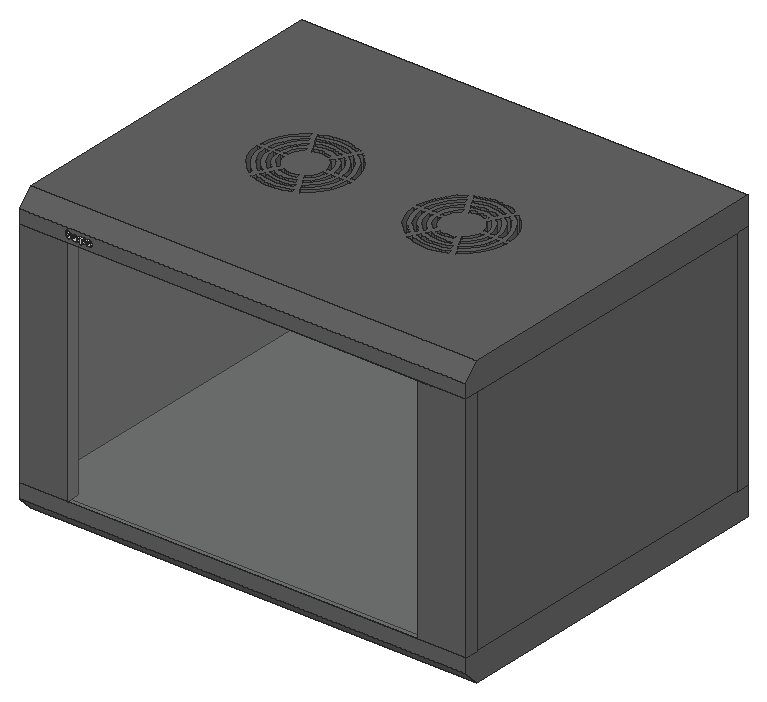
Revit family "BARPA_Crux1_LOD5", category Electrical Equipment, Revit 2016
Family settings
  Part Type = Other Panel
  Round Connector Dimension = Use Diameter
  Work Plane-Based = No
  Always vertical = Yes
  Cut with Voids When Loaded = No
  Shared = No
  Room Calculation Point = No
Parameters (values of type "Crux 1 - 6U 570x450")
  Model = "82321060604"
  Manufacturer = "BARPA"
  IfcExportType = "DATACABINET"  # constant formula
  IfcExportAs = "IfcBuildingElementProxy"  # constant formula
  Description = "Rack Crux 1 - 6U 570x450mm"
  Classification.Uniclass.Pr.Number [instance] = "Pr_80_77_28_21"
  Classification.Uniclass.Pr.Description [instance] = "Data equipment cabinets"
  BARPA_Width = 570 mm
  BARPA_Standard = "ANSI/EIA RS-310-D; IEC60297-2; DIN41494 Part 1 and 7"
  BARPA_Material = "SPCC Cold Rolled Steel; Mounting profile: 1.2mm; Others 1.0mm"
  BARPA_Loading Capacity = 60.00 kg
  BARPA_Length = 450 mm
  BARPA_Instructions Video = "https://www.youtube.com/watch?v=zwmslPowF0Y"
  BARPA_Instructions Manual = "https://www.barpa.eu/fotos/produtos/im_04-crux_1_en_60642401758416becec0a7.pdf"
  BARPA_Height = 370 mm
  BARPA_Earth Connection = yes
  BARPA_EAN Code = "5608445006073"
  BARPA_Description = "Crux 1 is the wall cabinet of the barpa range of cabinets. It’s available in a range of heights and depths and accommodates a load of up to 60 kg."
  BARPA_Declaration of Conformity = "https://www.barpa.eu/fotos/produtos/declaration_of_conformity_crux_1_162417780258416b934ae8d.pdf"
  BARPA_Datasheet = "https://www.barpa.eu/fotos/produtos/crux1_eng_162556594458416b934d980.pdf"
  BARPA_Color = "Black (RAL9004)"
Types (13, lengths in mm): name | Model | Description | BARPA_Length | BARPA_Height | BARPA_EAN Code
  (no name) | "82321060604" | "Rack Crux 1 - 6U 570x450mm" | 450 | 370 | "5608445006073"
  Crux 1 - 6U 570x450 | "82321060604" | "Rack Crux 1 - 6U 570x450mm" | 450 | 370 | "5608445006073"
  Crux 1 - 6U 570x600 | "82321060606" | "Rack Crux 1 - 6U 570x600mm" | 600 | 370 | "5608445006134"
  Crux 1 - 9U 570x450 | "82321090604" | "Rack Crux 1 - 9U 570x450mm" | 450 | 500 | "5608445006080"
  Crux 1 - 9U 570x600 | "82321090606" | "Rack Crux 1 - 9U 570x600mm" | 600 | 500 | "5608445006141"
  Crux 1 - 12U 570x450 | "82321120604" | "Rack Crux 1 - 12U 570x450mm" | 450 | 635 | "5608445006097"
  Crux 1 - 12U 570x600 | "82321120606" | "Rack Crux 1 - 12U 570x600mm" | 600 | 635 | "5608445006158"
  Crux 1 - 15U 570x450 | "82321150604" | "Rack Crux 1 - 15U 570x450mm" | 450 | 770 | "5608445006103"
  Crux 1 - 15U 570x600 | "82321150606" | "Rack Crux 1 - 15U 570x600mm" | 600 | 770 | "5608445006165"
  Crux 1 - 18U 570x450 | "82321180604" | "Rack Crux 1 - 18U 570x450mm" | 450 | 900 | "5608445006110"
  Crux 1 - 18U 570x600 | "82321180606" | "Rack Crux 1 - 18U 570x600mm" | 600 | 900 | "5608445006172"
  Crux 1 - 22U 570x450 | "82321220604" | "Rack Crux 1 - 22U 570x450mm" | 450 | 1080 | "5608445006127"
  Crux 1 - 22U 570x600 | "82321220606" | "Rack Crux 1 - 22U 570x600mm" | 600 | 1080 | "5608445006189"
Reference planes
  plane 1 "Center (Front/Back)": y = 0
  plane 2: z = 0
  plane 3 "Center (Left/Right)": x = 0
  plane 4: x = -285
  plane 5: y = -450
  plane 6 "Top Bottom": z = 332
  plane 7: x = -268.4
  plane 8: x = -224
  plane 9: x = 224
  plane 10: x = 268.4
  plane 11: x = 285
  plane 12: z = 370
  plane 13: z = 36
  plane 14: y = -433.4
  plane 15: y = -16.6
  plane 16: y = -432.4
  plane 17: y = -17.6
Forms (mm)
  Extrusion 1, solid, material "Steel paint black (RAL9004)"
    sketch origin (0, 0, 0) x (1, 0, 0) y (0, 1, 0)
      loop
        line (-285, 0) -> (-285, -16.6) -> (285, -16.6) -> (285, 0) -> (-285, 0)
      loop
        line (-285, -433.4) -> (-285, -450) -> (-224, -450) -> (-224, -433.4) -> (-285, -433.4)
      loop
        line (285, -433.4) -> (224, -433.4) -> (224, -450) -> (285, -450) -> (285, -433.4)
      loop
        line (268.4, -17.6) -> (268.4, -432.4) -> (285, -432.4) -> (285, -17.6) -> (268.4, -17.6)
      loop
        line (-285, -17.6) -> (-285, -432.4) -> (-268.4, -432.4) -> (-268.4, -17.6) -> (-285, -17.6)
    from 36 to 332
  Extrusion 2, solid, material "Glass"
    sketch origin (0, 0, 0) x (1, 0, 0) y (0, 1, 0)
      loop
        line (-224, -445) -> (-224, -450) -> (224, -450) -> (224, -445) -> (-224, -445)
    from 36 to 332
Dimensions and locks
  equal spacing: plane 8, plane 3 "Center (Left/Right)", plane 9
  equal spacing: plane 7, plane 3 "Center (Left/Right)", plane 10
  equal spacing: plane 4, plane 3 "Center (Left/Right)", plane 11
  "BARPA_Width": plane 4 to plane 11
  "BARPA_Length": plane 5 to plane 1 "Center (Front/Back)"
  locked: plane 5 to plane 14 at 16.6
  locked: plane 15 to plane 1 "Center (Front/Back)" at 16.6
  locked: plane 10 to plane 11 at 16.6
  locked: plane 4 to plane 8 at 61
  locked: plane 12 to plane 6 "Top Bottom" at 38
  "BARPA_Height": plane 12 to level
  locked: plane 17 to plane 15 at 1
  locked: plane 14 to plane 16 at 1
  locked: Extrusion 2 sketch curve to Extrusion 2 sketch curve at 5
  locked: plane 13 to level at 36
  aligned and locked: level to plane 2
  aligned and locked: Extrusion 1 sketch curve to plane 5  (x2)
  aligned and locked: Extrusion 1 sketch curve to plane 11  (x3)
  aligned and locked: plane 4 to Extrusion 1 sketch curve  (x3)
  aligned and locked: plane 14 to Extrusion 1 sketch curve  (x2)
  aligned and locked: plane 1 "Center (Front/Back)" to Extrusion 1 sketch curve
  aligned and locked: Extrusion 1 sketch curve to plane 15
  aligned and locked: Extrusion 1 sketch curve to plane 9
  aligned and locked: plane 8 to Extrusion 1 sketch curve
  aligned and locked: plane 17 to Extrusion 1 sketch curve  (x2)
  aligned and locked: Extrusion 1 sketch curve to plane 16  (x2)
  aligned and locked: Extrusion 1 sketch curve to plane 7
  aligned and locked: plane 10 to Extrusion 1 sketch curve
  aligned and locked: Extrusion 1 to plane 6 "Top Bottom"
  aligned and locked: plane 13 to Extrusion 1
  aligned and locked: plane 8 to Extrusion 2 sketch curve
  aligned and locked: Extrusion 2 sketch curve to plane 9
  aligned and locked: Extrusion 2 sketch curve to plane 5
  aligned and locked: Extrusion 2 to plane 6 "Top Bottom"
  aligned and locked: plane 13 to Extrusion 2
  aligned and locked: plane 3 "Center (Left/Right)" to nested 2
  aligned and locked: plane 3 "Center (Left/Right)" to nested 1
  aligned and locked: plane 1 "Center (Front/Back)" to nested 2
  aligned and locked: plane 1 "Center (Front/Back)" to nested 1
Nested families
  nested 1: "Crux-Base" at (0, 0, 0), type "Standard"
    with Length 450 mm
  nested 2: "Crux-Top Cover" at (0, 0, 332), type "Standard"
    with Length 450 mm
Connectors
  electrical at (0, 0, 184)
    settings: on Extrusion 1, index 1, voltage 0 V, apparent load 0 VA, apparent load phase1 0 VA, apparent load phase2 0 VA, apparent load phase3 0 VA, power factor 1, load classification "Other", number of poles 1, system type 5, power factor state 1, is connector primary yes, connector utility no, sub classification motor no, connector description ""
Definition of nested family "Crux-Base"
  Parameters (values of type "Standard")
    Width = 570 mm
    Model = ""
    Material = none
    Manufacturer = ""
    Length = 600 mm
    Description = ""
    Default Elevation = 0 mm
  Reference planes
    plane 1 "Center (Front/Back)": y = 0
    plane 2: z = 0
    plane 3 "Center (Left/Right)": x = 0
    plane 4: x = -285
    plane 5: y = -600
    plane 6: x = 285
    plane 7: z = 18
    plane 8: z = 36
    plane 9: y = -582
    plane 10: y = -300
  Forms (mm)
    Extrusion 1, solid, material <- "Material"
      sketch origin (0, 0, 0) x (0, 1, 0) y (0, 0, 1)
        loop
          line (-600, 36) -> (-600, 18) -> (-582, 0) -> (0, 0) -> (0, 36) -> (-600, 36)
      from -285 to 285
  Dimensions and locks
    equal spacing: plane 4, plane 3 "Center (Left/Right)", plane 6
    "Width": plane 4 to plane 6
    "Length": plane 5 to plane 1 "Center (Front/Back)"
    locked: plane 5 to plane 9 at 18
    locked: level to plane 7 at 18
    locked: level to plane 8 at 36
    equal spacing: plane 5, plane 10, plane 1 "Center (Front/Back)"
    aligned and locked: level to plane 2
    aligned and locked: plane 1 "Center (Front/Back)" to Extrusion 1 sketch curve
    aligned and locked: plane 8 to Extrusion 1 sketch curve
    aligned and locked: level to Extrusion 1 sketch curve  (x2)
    aligned and locked: plane 6 to Extrusion 1
    aligned and locked: Extrusion 1 to plane 4
    aligned and locked: plane 9 to Extrusion 1 sketch curve
    aligned and locked: plane 5 to Extrusion 1 sketch curve
    aligned and locked: plane 7 to Extrusion 1 sketch curve
Definition of nested family "Crux-Top Cover"
  Parameters (values of type "Standard")
    Width = 570 mm
    Model = ""
    Material = none
    Manufacturer = ""
    Length = 600 mm
    Description = ""
    Default Elevation = 0 mm
  Reference planes
    plane 1 "Center (Front/Back)": y = 0
    plane 2: z = 0
    plane 3 "Center (Left/Right)": x = 0
    plane 4: x = -285
    plane 5: y = -600
    plane 6: x = 285
    plane 7: z = 18
    plane 8: z = 36
    plane 9: y = -582
    plane 10: y = -300
    plane 11: x = -100
    plane 12: x = 100
  Forms (mm)
    Extrusion 1, solid, material <- "Material", detail levels coarse+medium
      sketch origin (0, 0, 0) x (0, 1, 0) y (0, 0, 1)
        loop
          line (-600, 18) -> (-600, 0) -> (0, 0) -> (0, 36) -> (-582, 36) -> (-600, 18)
      from -285 to 285
    Extrusion 2, solid, material <- "Material", detail levels fine
      sketch origin (0, 0, 0) x (1, 0, 0) y (0, 1, 0)
        loop
          arc (-50.09, -297) -> (-56.699, -275) -> (-72.447, -258.277) r 50
          line (-72.447, -258.277) -> (-74.952, -262.616)
          arc (-74.952, -262.616) -> (-61.029, -277.5) -> (-55.1, -297) r 45
          line (-55.1, -297) -> (-50.09, -297)
        loop
          arc (-60.113, -297) -> (-65.359, -280) -> (-77.458, -266.957) r 40
          line (-77.458, -266.957) -> (-79.966, -271.301)
          arc (-79.966, -271.301) -> (-69.689, -282.5) -> (-65.129, -297) r 35
          line (-65.129, -297) -> (-60.113, -297)
        loop
          arc (-70.15, -297) -> (-74.019, -285) -> (-82.477, -275.649) r 30
          line (-82.477, -275.649) -> (-84.992, -280.006)
          arc (-84.992, -280.006) -> (-78.349, -287.5) -> (-75.181, -297) r 25
          line (-75.181, -297) -> (-70.15, -297)
        loop
          line (-149.91, -297) -> (-144.9, -297)
          arc (-144.9, -297) -> (-138.971, -277.5) -> (-125.048, -262.616) r 45
          line (-125.048, -262.616) -> (-127.553, -258.277)
          arc (-127.553, -258.277) -> (-143.301, -275) -> (-149.91, -297) r 50
        loop
          arc (-77.643, -255.277) -> (-100, -250) -> (-122.357, -255.277) r 50
          line (-122.357, -255.277) -> (-119.852, -259.616)
          arc (-119.852, -259.616) -> (-100, -255) -> (-80.148, -259.616) r 45
          line (-80.148, -259.616) -> (-77.643, -255.277)
        loop
          arc (-82.654, -263.957) -> (-100, -260) -> (-117.346, -263.957) r 40
          line (-117.346, -263.957) -> (-114.838, -268.301)
          arc (-114.838, -268.301) -> (-100, -265) -> (-85.162, -268.301) r 35
          line (-85.162, -268.301) -> (-82.654, -263.957)
        loop
          arc (-87.673, -272.649) -> (-100, -270) -> (-112.327, -272.649) r 30
          line (-112.327, -272.649) -> (-109.812, -277.006)
          arc (-109.812, -277.006) -> (-100, -275) -> (-90.188, -277.006) r 25
          line (-90.188, -277.006) -> (-87.673, -272.649)
        loop
          arc (-122.542, -266.957) -> (-134.641, -280) -> (-139.887, -297) r 40
          line (-139.887, -297) -> (-134.871, -297)
          arc (-134.871, -297) -> (-130.311, -282.5) -> (-120.034, -271.301) r 35
          line (-120.034, -271.301) -> (-122.542, -266.957)
        loop
          arc (-117.523, -275.649) -> (-125.981, -285) -> (-129.85, -297) r 30
          line (-129.85, -297) -> (-124.819, -297)
          arc (-124.819, -297) -> (-121.651, -287.5) -> (-115.008, -280.006) r 25
          line (-115.008, -280.006) -> (-117.523, -275.649)
        loop
          arc (-149.91, -303) -> (-143.301, -325) -> (-127.553, -341.723) r 50
          line (-127.553, -341.723) -> (-125.048, -337.384)
          arc (-125.048, -337.384) -> (-138.971, -322.5) -> (-144.9, -303) r 45
          line (-144.9, -303) -> (-149.91, -303)
        loop
          arc (-139.887, -303) -> (-134.641, -320) -> (-122.542, -333.043) r 40
          line (-122.542, -333.043) -> (-120.034, -328.699)
          arc (-120.034, -328.699) -> (-130.311, -317.5) -> (-134.871, -303) r 35
          line (-134.871, -303) -> (-139.887, -303)
        loop
          arc (-129.85, -303) -> (-125.981, -315) -> (-117.523, -324.351) r 30
          line (-117.523, -324.351) -> (-115.008, -319.994)
          arc (-115.008, -319.994) -> (-121.651, -312.5) -> (-124.819, -303) r 25
          line (-124.819, -303) -> (-129.85, -303)
        loop
          line (-50.09, -303) -> (-55.1, -303)
          arc (-55.1, -303) -> (-61.029, -322.5) -> (-74.952, -337.384) r 45
          line (-74.952, -337.384) -> (-72.447, -341.723)
          arc (-72.447, -341.723) -> (-56.699, -325) -> (-50.09, -303) r 50
        loop
          arc (-122.357, -344.723) -> (-100, -350) -> (-77.643, -344.723) r 50
          line (-77.643, -344.723) -> (-80.148, -340.384)
          arc (-80.148, -340.384) -> (-100, -345) -> (-119.852, -340.384) r 45
          line (-119.852, -340.384) -> (-122.357, -344.723)
        loop
          arc (-117.346, -336.043) -> (-100, -340) -> (-82.654, -336.043) r 40
          line (-82.654, -336.043) -> (-85.162, -331.699)
          arc (-85.162, -331.699) -> (-100, -335) -> (-114.838, -331.699) r 35
          line (-114.838, -331.699) -> (-117.346, -336.043)
        loop
          arc (-112.327, -327.351) -> (-100, -330) -> (-87.673, -327.351) r 30
          line (-87.673, -327.351) -> (-90.188, -322.994)
          arc (-90.188, -322.994) -> (-100, -325) -> (-109.812, -322.994) r 25
          line (-109.812, -322.994) -> (-112.327, -327.351)
        loop
          arc (-77.458, -333.043) -> (-65.359, -320) -> (-60.113, -303) r 40
          line (-60.113, -303) -> (-65.129, -303)
          arc (-65.129, -303) -> (-69.689, -317.5) -> (-79.966, -328.699) r 35
          line (-79.966, -328.699) -> (-77.458, -333.043)
        loop
          arc (-82.477, -324.351) -> (-74.019, -315) -> (-70.15, -303) r 30
          line (-70.15, -303) -> (-75.181, -303)
          arc (-75.181, -303) -> (-78.349, -312.5) -> (-84.992, -319.994) r 25
          line (-84.992, -319.994) -> (-82.477, -324.351)
        loop
          arc (-124.861, -250.94) -> (-100, -245) -> (-75.139, -250.94) r 55
          line (-75.139, -250.94) -> (-72.636, -246.603)
          arc (-72.636, -246.603) -> (-100, -240) -> (-127.364, -246.603) r 60
          line (-127.364, -246.603) -> (-124.861, -250.94)
        loop
          arc (-69.943, -253.94) -> (-52.369, -272.5) -> (-45.082, -297) r 55
          line (-45.082, -297) -> (-40.075, -297)
          arc (-40.075, -297) -> (-48.038, -270) -> (-67.439, -249.603) r 60
          line (-67.439, -249.603) -> (-69.943, -253.94)
        loop
          arc (-154.918, -297) -> (-147.631, -272.5) -> (-130.057, -253.94) r 55
          line (-130.057, -253.94) -> (-132.561, -249.603)
          arc (-132.561, -249.603) -> (-151.962, -270) -> (-159.925, -297) r 60
          line (-159.925, -297) -> (-154.918, -297)
        loop
          line (-69.943, -346.06) -> (-67.439, -350.397)
          arc (-67.439, -350.397) -> (-48.038, -330) -> (-40.075, -303) r 60
          line (-40.075, -303) -> (-45.082, -303)
          arc (-45.082, -303) -> (-52.369, -327.5) -> (-69.943, -346.06) r 55
        loop
          line (-124.861, -349.06) -> (-127.364, -353.397)
          arc (-127.364, -353.397) -> (-100, -360) -> (-72.636, -353.397) r 60
          line (-72.636, -353.397) -> (-75.139, -349.06)
          arc (-75.139, -349.06) -> (-100, -355) -> (-124.861, -349.06) r 55
        loop
          line (-154.918, -303) -> (-159.925, -303)
          arc (-159.925, -303) -> (-151.962, -330) -> (-132.561, -350.397) r 60
          line (-132.561, -350.397) -> (-130.057, -346.06)
          arc (-130.057, -346.06) -> (-147.631, -327.5) -> (-154.918, -303) r 55
        loop
          line (50.09, -297) -> (55.1, -297)
          arc (55.1, -297) -> (61.029, -277.5) -> (74.952, -262.616) r 45
          line (74.952, -262.616) -> (72.447, -258.277)
          arc (72.447, -258.277) -> (56.699, -275) -> (50.09, -297) r 50
        loop
          line (60.113, -297) -> (65.129, -297)
          arc (65.129, -297) -> (69.689, -282.5) -> (79.966, -271.301) r 35
          line (79.966, -271.301) -> (77.458, -266.957)
          arc (77.458, -266.957) -> (65.359, -280) -> (60.113, -297) r 40
        loop
          line (70.15, -297) -> (75.181, -297)
          arc (75.181, -297) -> (78.349, -287.5) -> (84.992, -280.006) r 25
          line (84.992, -280.006) -> (82.477, -275.649)
          arc (82.477, -275.649) -> (74.019, -285) -> (70.15, -297) r 30
        loop
          arc (149.91, -297) -> (143.301, -275) -> (127.553, -258.277) r 50
          line (127.553, -258.277) -> (125.048, -262.616)
          arc (125.048, -262.616) -> (138.971, -277.5) -> (144.9, -297) r 45
          line (144.9, -297) -> (149.91, -297)
        loop
          line (77.643, -255.277) -> (80.148, -259.616)
          arc (80.148, -259.616) -> (100, -255) -> (119.852, -259.616) r 45
          line (119.852, -259.616) -> (122.357, -255.277)
          arc (122.357, -255.277) -> (100, -250) -> (77.643, -255.277) r 50
        loop
          line (82.654, -263.957) -> (85.162, -268.301)
          arc (85.162, -268.301) -> (100, -265) -> (114.838, -268.301) r 35
          line (114.838, -268.301) -> (117.346, -263.957)
          arc (117.346, -263.957) -> (100, -260) -> (82.654, -263.957) r 40
        loop
          line (87.673, -272.649) -> (90.188, -277.006)
          arc (90.188, -277.006) -> (100, -275) -> (109.812, -277.006) r 25
          line (109.812, -277.006) -> (112.327, -272.649)
          arc (112.327, -272.649) -> (100, -270) -> (87.673, -272.649) r 30
        loop
          line (122.542, -266.957) -> (120.034, -271.301)
          arc (120.034, -271.301) -> (130.311, -282.5) -> (134.871, -297) r 35
          line (134.871, -297) -> (139.887, -297)
          arc (139.887, -297) -> (134.641, -280) -> (122.542, -266.957) r 40
        loop
          line (117.523, -275.649) -> (115.008, -280.006)
          arc (115.008, -280.006) -> (121.651, -287.5) -> (124.819, -297) r 25
          line (124.819, -297) -> (129.85, -297)
          arc (129.85, -297) -> (125.981, -285) -> (117.523, -275.649) r 30
        loop
          line (149.91, -303) -> (144.9, -303)
          arc (144.9, -303) -> (138.971, -322.5) -> (125.048, -337.384) r 45
          line (125.048, -337.384) -> (127.553, -341.723)
          arc (127.553, -341.723) -> (143.301, -325) -> (149.91, -303) r 50
        loop
          line (139.887, -303) -> (134.871, -303)
          arc (134.871, -303) -> (130.311, -317.5) -> (120.034, -328.699) r 35
          line (120.034, -328.699) -> (122.542, -333.043)
          arc (122.542, -333.043) -> (134.641, -320) -> (139.887, -303) r 40
        loop
          line (129.85, -303) -> (124.819, -303)
          arc (124.819, -303) -> (121.651, -312.5) -> (115.008, -319.994) r 25
          line (115.008, -319.994) -> (117.523, -324.351)
          arc (117.523, -324.351) -> (125.981, -315) -> (129.85, -303) r 30
        loop
          arc (50.09, -303) -> (56.699, -325) -> (72.447, -341.723) r 50
          line (72.447, -341.723) -> (74.952, -337.384)
          arc (74.952, -337.384) -> (61.029, -322.5) -> (55.1, -303) r 45
          line (55.1, -303) -> (50.09, -303)
        loop
          line (122.357, -344.723) -> (119.852, -340.384)
          arc (119.852, -340.384) -> (100, -345) -> (80.148, -340.384) r 45
          line (80.148, -340.384) -> (77.643, -344.723)
          arc (77.643, -344.723) -> (100, -350) -> (122.357, -344.723) r 50
        loop
          line (117.346, -336.043) -> (114.838, -331.699)
          arc (114.838, -331.699) -> (100, -335) -> (85.162, -331.699) r 35
          line (85.162, -331.699) -> (82.654, -336.043)
          arc (82.654, -336.043) -> (100, -340) -> (117.346, -336.043) r 40
        loop
          line (112.327, -327.351) -> (109.812, -322.994)
          arc (109.812, -322.994) -> (100, -325) -> (90.188, -322.994) r 25
          line (90.188, -322.994) -> (87.673, -327.351)
          arc (87.673, -327.351) -> (100, -330) -> (112.327, -327.351) r 30
        loop
          line (77.458, -333.043) -> (79.966, -328.699)
          arc (79.966, -328.699) -> (69.689, -317.5) -> (65.129, -303) r 35
          line (65.129, -303) -> (60.113, -303)
          arc (60.113, -303) -> (65.359, -320) -> (77.458, -333.043) r 40
        loop
          line (82.477, -324.351) -> (84.992, -319.994)
          arc (84.992, -319.994) -> (78.349, -312.5) -> (75.181, -303) r 25
          line (75.181, -303) -> (70.15, -303)
          arc (70.15, -303) -> (74.019, -315) -> (82.477, -324.351) r 30
        loop
          line (124.861, -250.94) -> (127.364, -246.603)
          arc (127.364, -246.603) -> (100, -240) -> (72.636, -246.603) r 60
          line (72.636, -246.603) -> (75.139, -250.94)
          arc (75.139, -250.94) -> (100, -245) -> (124.861, -250.94) r 55
        loop
          line (69.943, -253.94) -> (67.439, -249.603)
          arc (67.439, -249.603) -> (48.038, -270) -> (40.075, -297) r 60
          line (40.075, -297) -> (45.082, -297)
          arc (45.082, -297) -> (52.369, -272.5) -> (69.943, -253.94) r 55
        loop
          line (154.918, -297) -> (159.925, -297)
          arc (159.925, -297) -> (151.962, -270) -> (132.561, -249.603) r 60
          line (132.561, -249.603) -> (130.057, -253.94)
          arc (130.057, -253.94) -> (147.631, -272.5) -> (154.918, -297) r 55
        loop
          arc (69.943, -346.06) -> (52.369, -327.5) -> (45.082, -303) r 55
          line (45.082, -303) -> (40.075, -303)
          arc (40.075, -303) -> (48.038, -330) -> (67.439, -350.397) r 60
          line (67.439, -350.397) -> (69.943, -346.06)
        loop
          arc (124.861, -349.06) -> (100, -355) -> (75.139, -349.06) r 55
          line (75.139, -349.06) -> (72.636, -353.397)
          arc (72.636, -353.397) -> (100, -360) -> (127.364, -353.397) r 60
          line (127.364, -353.397) -> (124.861, -349.06)
        loop
          arc (154.918, -303) -> (147.631, -327.5) -> (130.057, -346.06) r 55
          line (130.057, -346.06) -> (132.561, -350.397)
          arc (132.561, -350.397) -> (151.962, -330) -> (159.925, -303) r 60
          line (159.925, -303) -> (154.918, -303)
        loop
          line (-285, 0) -> (-285, -582) -> (285, -582) -> (285, 0) -> (-285, 0)
      from 0 to 36
    Sweep 3, solid
      path origin (0, 0, 0) x (1, 0, 0) y (0, 1, 0)
        loop
          line (-285, -601) -> (-285, -600)
      profile origin (-285, -600.5, 0) x (-1, 0, 0) y (0, 0, 1)
        loop
          line (-60, 9.75) -> (-60, 13.875)
          arc (-60, 13.875) -> (-60.725, 14.6) -> (-61.45, 13.875) r 0.725
          line (-61.45, 13.875) -> (-61.45, 12.456)
          arc (-61.45, 12.456) -> (-66.115, 8.215) -> (-60, 9.75) r 3.25
        loop
          circle (-63.25, 9.75) r 1.8
        loop
          arc (-73.5, 7.225) -> (-72.859, 6.505) -> (-72.07, 7.057) r 0.725
          arc (-72.07, 7.057) -> (-67.38, 11.275) -> (-73.5, 9.75) r 3.25
          line (-73.5, 9.75) -> (-73.5, 7.225)
        loop
          circle (-70.25, 9.75) r 1.8
        loop
          arc (-91.5, 7.225) -> (-90.859, 6.505) -> (-90.07, 7.057) r 0.725
          arc (-90.07, 7.057) -> (-85.38, 11.275) -> (-91.5, 9.75) r 3.25
          line (-91.5, 9.75) -> (-91.5, 7.225)
        loop
          circle (-88.25, 9.75) r 1.8
        loop
          arc (-78, 9.75) -> (-84.115, 11.285) -> (-79.45, 7.044) r 3.25
          line (-79.45, 7.044) -> (-79.45, 5.625)
          arc (-79.45, 5.625) -> (-78.725, 4.9) -> (-78, 5.625) r 0.725
          line (-78, 5.625) -> (-78, 9.75)
        loop
          circle (-81.25, 9.75) r 1.8
        loop
          arc (-77.161, 12.999) -> (-77.975, 12.352) -> (-77.316, 11.549) r 0.729
          arc (-77.316, 11.549) -> (-76.001, 11.046) -> (-75.45, 9.75) r 1.8
          line (-75.45, 9.75) -> (-75.45, 7.151)
          arc (-75.45, 7.151) -> (-74.725, 6.5) -> (-74, 7.151) r 0.729
          line (-74, 7.151) -> (-74, 9.75)
          arc (-74, 9.75) -> (-74.921, 12.017) -> (-77.161, 12.999) r 3.25
    Extrusion 4, solid, material <- "Material", detail levels fine
      sketch origin (0, 0, 0) x (0, 1, 0) y (0, 0, 1)
        loop
          line (-600, 18) -> (-600, 0) -> (-582, 0) -> (-582, 36) -> (-600, 18)
      from -285 to 285
  Cuts and joins
    joined: Extrusion 2, Extrusion 4
  Dimensions and locks
    equal spacing: plane 4, plane 3 "Center (Left/Right)", plane 6
    "Width": plane 4 to plane 6
    "Length": plane 5 to plane 1 "Center (Front/Back)"
    locked: plane 5 to plane 9 at 18
    locked: level to plane 7 at 18
    locked: level to plane 8 at 36
    equal spacing: plane 5, plane 10, plane 1 "Center (Front/Back)"
    equal spacing: plane 11, plane 3 "Center (Left/Right)", plane 12
    aligned and locked: level to plane 2
    aligned and locked: plane 7 to Extrusion 1 sketch curve
    aligned and locked: plane 5 to Extrusion 1 sketch curve
    aligned and locked: plane 9 to Extrusion 1 sketch curve
    aligned and locked: Extrusion 1 sketch curve to plane 5
    aligned and locked: plane 1 "Center (Front/Back)" to Extrusion 1 sketch curve
    aligned and locked: plane 8 to Extrusion 1 sketch curve
    aligned and locked: level to Extrusion 1 sketch curve
    aligned and locked: plane 6 to Extrusion 1
    aligned and locked: Extrusion 1 to plane 4
    aligned and locked: plane 4 to Sweep 3 sketch curve
    aligned and locked: plane 5 to Sweep 3 sketch curve
    aligned and locked: Extrusion 2 to level
    aligned and locked: Extrusion 2 to plane 8
    aligned and locked: plane 10 to Extrusion 2 sketch curve  (x96)
    aligned and locked: plane 11 to Extrusion 2 sketch curve  (x48)
    aligned and locked: plane 12 to Extrusion 2 sketch curve  (x48)
    aligned and locked: plane 8 to Extrusion 4 sketch curve
    aligned and locked: level to Extrusion 4 sketch curve
    aligned and locked: plane 9 to Extrusion 4 sketch curve
    aligned and locked: Extrusion 4 sketch curve to plane 5
    aligned and locked: plane 5 to Extrusion 4 sketch curve
    aligned and locked: plane 7 to Extrusion 4 sketch curve
    aligned and locked: plane 1 "Center (Front/Back)" to Extrusion 2 sketch curve
    aligned and locked: plane 4 to Extrusion 2 sketch curve
    aligned and locked: Extrusion 2 sketch curve to plane 6
    aligned and locked: Extrusion 2 sketch curve to plane 9
    aligned and locked: Extrusion 1 to plane 6
    aligned and locked: plane 4 to Extrusion 1
    aligned and locked: cut or joined group of Extrusion 2, Extrusion 4 to plane 4
    aligned and locked: plane 6 to cut or joined group of Extrusion 2, Extrusion 4
  Automatic sketch dimensions
    Sweep 3 sketch curve to Sweep 3 sketch curve = 0 mm  (x13)
    level to Sweep 3 sketch curve = 7.225 mm
    Sweep 3 sketch curve to Sweep 3 sketch curve = 0.725 mm  (x6)
    Sweep 3 sketch curve to Sweep 3 sketch curve = 3.25 mm  (x2)
    Sweep 3 sketch curve to Sweep 3 sketch curve = 7 mm  (x2)
    Sweep 3 sketch curve to Sweep 3 sketch curve = 1.8 mm  (x3)
    Sweep 3 sketch curve to Sweep 3 sketch curve = 0.75 mm
    Sweep 3 sketch curve to Sweep 3 sketch curve = 0.5 mm
    Sweep 3 sketch curve to Sweep 3 sketch curve = 1.419 mm  (x2)
    Sweep 3 sketch curve to Sweep 3 sketch curve = 0.074 mm
    Sweep 3 sketch curve to Sweep 3 sketch curve = 0.078 mm
    Sweep 3 sketch curve to Sweep 3 sketch curve = 0.066 mm
    Sweep 3 sketch curve to Sweep 3 sketch curve = 0.089 mm
    profile plane to Sweep 3 sketch curve = 91.5 mm
    level to Sweep 3 sketch curve = 5.625 mm
    Sweep 3 sketch curve to Sweep 3 sketch curve = 1.526 mm
    Sweep 3 sketch curve to Sweep 3 sketch curve = 2.525 mm  (x2)
    plane 5 to Sweep 3 sketch curve = 1 mm
    Extrusion 2 sketch curve to plane 11 = 9.812 mm  (x2)
    Extrusion 2 sketch curve to Extrusion 2 sketch curve = 2.515 mm  (x16)
    Extrusion 2 sketch curve to Extrusion 2 sketch curve = 2.511 mm  (x16)
    Extrusion 2 sketch curve to Extrusion 2 sketch curve = 5.196 mm  (x8)
    Extrusion 2 sketch curve to Extrusion 2 sketch curve = 2.508 mm  (x16)
    Extrusion 2 sketch curve to Extrusion 2 sketch curve = 2.506 mm  (x16)
    Extrusion 2 sketch curve to Extrusion 2 sketch curve = 2.505 mm  (x16)
    Extrusion 2 sketch curve to plane 10 = 3 mm  (x16)
    Extrusion 2 sketch curve to Extrusion 2 sketch curve = 9.812 mm  (x3)
    Extrusion 2 sketch curve to Extrusion 2 sketch curve = 0 mm  (x4)
    Extrusion 2 sketch curve to Extrusion 2 sketch curve = 2.504 mm  (x16)
    Extrusion 2 sketch curve to Extrusion 2 sketch curve = 2.503 mm  (x16)
    Extrusion 2 sketch curve to Extrusion 2 sketch curve = 5.03 mm  (x8)
    Extrusion 2 sketch curve to Extrusion 2 sketch curve = 5.022 mm  (x8)
    Extrusion 2 sketch curve to Extrusion 2 sketch curve = 5.016 mm  (x8)
    Extrusion 2 sketch curve to Extrusion 2 sketch curve = 5.013 mm  (x8)
    Extrusion 2 sketch curve to Extrusion 2 sketch curve = 5.01 mm  (x8)
    Extrusion 2 sketch curve to Extrusion 2 sketch curve = 5.008 mm  (x8)
    Extrusion 2 sketch curve to Extrusion 2 sketch curve = 5.007 mm  (x8)
    plane 11 to Extrusion 2 sketch curve = 9.812 mm  (x2)
    plane 10 to Extrusion 2 sketch curve = 3 mm  (x2)
    plane 3 "Center (Left/Right)" to Extrusion 2 sketch curve = 40.075 mm
    Extrusion 2 sketch curve to plane 12 = 32.561 mm  (x2)
    plane 12 to Extrusion 2 sketch curve = 9.812 mm  (x2)
    Extrusion 2 sketch curve to Extrusion 2 sketch curve = 53.397 mm
    Extrusion 2 sketch curve to Extrusion 2 sketch curve = 3 mm  (x5)
    plane 10 to Extrusion 2 sketch curve = 53.397 mm
    Extrusion 2 sketch curve to Extrusion 2 sketch curve = 4.336 mm  (x4)
    Extrusion 2 sketch curve to Extrusion 2 sketch curve = 4.337 mm  (x8)
    Extrusion 2 sketch curve to Extrusion 2 sketch curve = 4.339 mm  (x4)
    Extrusion 2 sketch curve to Extrusion 2 sketch curve = 4.341 mm  (x8)
    Extrusion 2 sketch curve to Extrusion 2 sketch curve = 4.344 mm  (x4)
    Extrusion 2 sketch curve to Extrusion 2 sketch curve = 4.349 mm  (x7)
    Extrusion 2 sketch curve to Extrusion 2 sketch curve = 4.356 mm  (x4)
    radius of Sweep 3 sketch curve = 1.8 mm  (x4)
